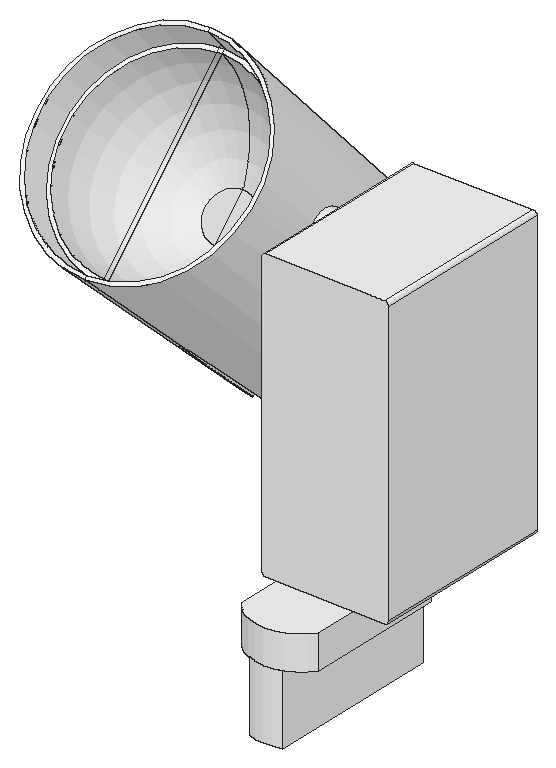
Revit family "0004812 Feilo Sylvania Lighting Fixture START TRACK SPOT S 14W 3K RA80 MB WHITE", category Lighting Fixtures, host Face, Revit 2017 (continued)
Definition of nested family "Start Track Spot Head"
  Types (96, lengths in mm): name | Wattage | built-in parameter 1150134 | Photometric Web File | Model | built-in parameter 1150105 | Lumens | built-in parameter 1150107 | built-in parameter 1150106 | HeadThickness_FEILO | HeadRibOffset_FEILO | HeadRibDepth_FEILO | HeadRibCutWidth_FEILO | HeadRibCutOffset_FEILO | HeadReflectorRadius_FEILO | HeadReflectorOffset_FEILO | HeadLEDRadius_FEILO | HeadHeight_FEILO | HeadDiffusorOffset_FEILO | HeadDiaOut_FEILO | HeadDiaIn_FEILO | HeadAxisFromTop_FEILO | Emit from Circle Diameter | built-in parameter 1150104 | Description | Apparent Load
    0004864 START TRACK SPOT S 24W 3K RA90 WB WHITE | 24 W | (empty or 0) | "0004864.ies" | "START TRACK SPOT S 24W 3K RA90 WB WHITE" | 152.79 (stored number, unit not read) | 1920 lm | 3000 (stored number, unit not read) | 1.5279 (stored number, unit not read) | 1.5 | 4.179 | 55.714 | 7.167 | 50.87 | 50.588 | 55.714 | 9.556 | 117 | 9.435 | 86 | 77.477 | 69.354 | 77.477 | 7.4322 (stored number, unit not read) | "Integrated LED spotlight, Textured White - RAL9016, compact and minimalist design, ideal for retail applications, die-cast aluminium body, passive cooling heatsink. Beam angle: 64°, color temperature: 3000K , total system power: 24W, total fixture output: 1928 lm, LOR: 100%, colour rendering: Ra: 90 typical, LED Chromaticity: 3 step MacAdam ellipse, lifetime: >50000 hours at L70B50, energy class: A++, A+, A, IR/UV free light source without heat radiation, operating voltage: 220-240V / 50-60Hz, drive current: 600mA, electronic driver, non-dimmable, power factor: 0.95, electrical protection: Class II, Global Track 3 Phase adapter suitable for Global trac 3-circuit tracks, ingress protection rating: IP20, suitable for internal environment only, horizontal rotation: 355°, vertical tilt: 90°, dimensions: Ø86x140x200, weight: 0.966kg." | 24 VA
    0004863 START TRACK SPOT S 24W 3K RA90 MB WHITE | 24 W | (empty or 0) | "0004863.ies" | "START TRACK SPOT S 24W 3K RA90 MB WHITE" | 154.7 (stored number, unit not read) | 1944 lm | 3000 (stored number, unit not read) | 1.547 (stored number, unit not read) | 1.5 | 4.179 | 55.714 | 7.167 | 50.87 | 50.588 | 55.714 | 9.556 | 117 | 9.435 | 86 | 77.477 | 69.354 | 77.477 | 7.5251 (stored number, unit not read) | "Integrated LED spotlight, Textured White - RAL9016, compact and minimalist design, ideal for retail applications, die-cast aluminium body, passive cooling heatsink. Beam angle: 36°, color temperature: 3000K , total system power: 24W, total fixture output: 1944 lm, LOR: 100%, colour rendering: Ra: 90 typical, LED Chromaticity: 3 step MacAdam ellipse, lifetime: >50000 hours at L70B50, energy class: A++, A+, A, IR/UV free light source without heat radiation, operating voltage: 220-240V / 50-60Hz, drive current: 600mA, electronic driver, non-dimmable, power factor: 0.95, electrical protection: Class II, Global Track 3 Phase adapter suitable for Global trac 3-circuit tracks, ingress protection rating: IP20, suitable for internal environment only, horizontal rotation: 355°, vertical tilt: 90°, dimensions: Ø86x140x200, weight: 0.966kg." | 24 VA
    0004862 START TRACK SPOT S 24W 3K RA90 NB WHITE | 24 W | (empty or 0) | "0004862.ies" | "START TRACK SPOT S 24W 3K RA90 NB WHITE" | 158.52 (stored number, unit not read) | 1992 lm | 3000 (stored number, unit not read) | 1.5852 (stored number, unit not read) | 1.5 | 4.179 | 55.714 | 7.167 | 50.87 | 50.588 | 55.714 | 9.556 | 117 | 9.435 | 86 | 77.477 | 69.354 | 77.477 | 7.711 (stored number, unit not read) | "Integrated LED spotlight, Textured White - RAL9016, compact and minimalist design, ideal for retail applications, die-cast aluminium body, passive cooling heatsink. Beam angle: 12°, color temperature: 3000K , total system power: 24W, total fixture output: 1987 lm, LOR: 100%, colour rendering: Ra: 90 typical, LED Chromaticity: 3 step MacAdam ellipse, lifetime: >50000 hours at L70B50, energy class: A++, A+, A, IR/UV free light source without heat radiation, operating voltage: 220-240V / 50-60Hz, drive current: 600mA, electronic driver, non-dimmable, power factor: 0.95, electrical protection: Class II, Global Track 3 Phase adapter suitable for Global trac 3-circuit tracks, ingress protection rating: IP20, suitable for internal environment only, horizontal rotation: 355°, vertical tilt: 90°, dimensions: Ø86x140x200, weight: 0.966kg." | 24 VA
    0004861 START TRACK SPOT S 14W 3K RA90 WB WHITE | 14 W | (empty or 0) | "0004861.ies" | "START TRACK SPOT S 14W 3K RA90 WB WHITE" | 100.27 (stored number, unit not read) | 1260 lm | 3000 (stored number, unit not read) | 1.0027 (stored number, unit not read) | 1.5 | 4.179 | 55.714 | 7.167 | 50.87 | 50.588 | 55.714 | 9.556 | 117 | 9.435 | 86 | 77.477 | 69.354 | 77.477 | 8.3613 (stored number, unit not read) | "Integrated LED spotlight, Textured White - RAL9016, compact and minimalist design, ideal for retail applications, die-cast aluminium body, passive cooling heatsink. Beam angle: 64°, color temperature: 3000K , total system power: 14W, total fixture output: 1262 lm, LOR: 100%, colour rendering: Ra: 90 typical, LED Chromaticity: 3 step MacAdam ellipse, lifetime: >50000 hours at L70B50, energy class: A++, A+, A, IR/UV free light source without heat radiation, operating voltage: 220-240V / 50-60Hz, drive current: 350mA, electronic driver, non-dimmable, power factor: 0.92, electrical protection: Class II, Global Track 3 Phase adapter suitable for Global trac 3-circuit tracks, ingress protection rating: IP20, suitable for internal environment only, horizontal rotation: 355°, vertical tilt: 90°, dimensions: Ø86x140x200, weight: 0.940kg." | 14 VA
    0004860 START TRACK SPOT S 14W 3K RA90 MB WHITE | 14 W | (empty or 0) | "0004860.ies" | "START TRACK SPOT S 14W 3K RA90 MB WHITE" | 100.27 (stored number, unit not read) | 1260 lm | 3000 (stored number, unit not read) | 1.0027 (stored number, unit not read) | 1.5 | 4.179 | 55.714 | 7.167 | 50.87 | 50.588 | 55.714 | 9.556 | 117 | 9.435 | 86 | 77.477 | 69.354 | 77.477 | 8.3613 (stored number, unit not read) | "Integrated LED spotlight, Textured White - RAL9016, compact and minimalist design, ideal for retail applications, die-cast aluminium body, passive cooling heatsink. Beam angle: 36°, color temperature: 3000K , total system power: 14W, total fixture output: 1262 lm, LOR: 100%, colour rendering: Ra: 90 typical, LED Chromaticity: 3 step MacAdam ellipse, lifetime: >50000 hours at L70B50, energy class: A++, A+, A, IR/UV free light source without heat radiation, operating voltage: 220-240V / 50-60Hz, drive current: 350mA, electronic driver, non-dimmable, power factor: 0.92, electrical protection: Class II, Global Track 3 Phase adapter suitable for Global trac 3-circuit tracks, ingress protection rating: IP20, suitable for internal environment only, horizontal rotation: 355°, vertical tilt: 90°, dimensions: Ø86x140x200, weight: 0.940kg." | 14 VA
    0004859 START TRACK SPOT S 14W 3K RA90 NB WHITE | 14 W | (empty or 0) | "0004859.ies" | "START TRACK SPOT S 14W 3K RA90 NB WHITE" | 102.5 (stored number, unit not read) | 1288 lm | 3000 (stored number, unit not read) | 1.025 (stored number, unit not read) | 1.5 | 4.179 | 55.714 | 7.167 | 50.87 | 50.588 | 55.714 | 9.556 | 117 | 9.435 | 86 | 77.477 | 69.354 | 77.477 | 8.5471 (stored number, unit not read) | "Integrated LED spotlight, Textured White - RAL9016, compact and minimalist design, ideal for retail applications, die-cast aluminium body, passive cooling heatsink. Beam angle: 12°, color temperature: 3000K , total system power: 14W, total fixture output: 1284 lm, LOR: 100%, colour rendering: Ra: 90 typical, LED Chromaticity: 3 step MacAdam ellipse, lifetime: >50000 hours at L70B50, energy class: A++, A+, A, IR/UV free light source without heat radiation, operating voltage: 220-240V / 50-60Hz, drive current: 350mA, electronic driver, non-dimmable, power factor: 0.92, electrical protection: Class II, Global Track 3 Phase adapter suitable for Global trac 3-circuit tracks, ingress protection rating: IP20, suitable for internal environment only, horizontal rotation: 355°, vertical tilt: 90°, dimensions: Ø86x140x200, weight: 0.940kg." | 14 VA
    0004858 START TRACK SPOT L 55W 4K RA80 WB BLACK | 55 W | 12 | "0004858.ies" | "START TRACK SPOT L 55W 4K RA80 WB BLACK" | 424.55 (stored number, unit not read) | 5335 lm | 4000 (stored number, unit not read) | 4.2455 (stored number, unit not read) | 2 | 4.429 | 59.048 | 9.417 | 53.913 | 66.471 | 59.048 | 12.556 | 124 | 10 | 113 | 101.802 | 73.503 | 101.802 | 9.0116 (stored number, unit not read) | "Integrated LED spotlight, Textured Black - RAL9005, compact and minimalist design, ideal for retail applications, die-cast aluminium body, passive cooling heatsink. Beam angle: 52°, color temperature: 4000K , total system power: 55W, total fixture output: 5320 lm, LOR: 100%, colour rendering: Ra: 80 typical, LED Chromaticity: 3 step MacAdam ellipse, lifetime: >50000 hours at L70B50, energy class: A++, A+, A, IR/UV free light source without heat radiation, operating voltage: 220-240V / 50-60Hz, drive current: 1400mA, electronic driver, non-dimmable, power factor: 0.96, electrical protection: Class II, Global Track 3 Phase adapter suitable for Global trac 3-circuit tracks, ingress protection rating: IP20, suitable for internal environment only, horizontal rotation: 355°, vertical tilt: 90°, dimensions: Ø113x164x240, weight: 1.398kg." | 55 VA
    0004857 START TRACK SPOT L 55W 4K RA80 MB BLACK | 55 W | 12 | "0004857.ies" | "START TRACK SPOT L 55W 4K RA80 MB BLACK" | 428.92 (stored number, unit not read) | 5390 lm | 4000 (stored number, unit not read) | 4.2892 (stored number, unit not read) | 2 | 4.429 | 59.048 | 9.417 | 53.913 | 66.471 | 59.048 | 12.556 | 124 | 10 | 113 | 101.802 | 73.503 | 101.802 | 9.1045 (stored number, unit not read) | "Integrated LED spotlight, Textured Black - RAL9005, compact and minimalist design, ideal for retail applications, die-cast aluminium body, passive cooling heatsink. Beam angle: 38°, color temperature: 4000K , total system power: 55W, total fixture output: 5378 lm, LOR: 100%, colour rendering: Ra: 80 typical, LED Chromaticity: 3 step MacAdam ellipse, lifetime: >50000 hours at L70B50, energy class: A++, A+, A, IR/UV free light source without heat radiation, operating voltage: 220-240V / 50-60Hz, drive current: 1400mA, electronic driver, non-dimmable, power factor: 0.96, electrical protection: Class II, Global Track 3 Phase adapter suitable for Global trac 3-circuit tracks, ingress protection rating: IP20, suitable for internal environment only, horizontal rotation: 355°, vertical tilt: 90°, dimensions: Ø113x164x240, weight: 1.398kg." | 55 VA
    0004856 START TRACK SPOT L 55W 4K RA80 NB BLACK | 55 W | 12 | "0004856.ies" | "START TRACK SPOT L 55W 4K RA80 NB BLACK" | 433.3 (stored number, unit not read) | 5445 lm | 4000 (stored number, unit not read) | 4.333 (stored number, unit not read) | 2 | 4.429 | 59.048 | 9.417 | 53.913 | 66.471 | 59.048 | 12.556 | 124 | 10 | 113 | 101.802 | 73.503 | 101.802 | 9.1974 (stored number, unit not read) | "Integrated LED spotlight, Textured Black - RAL9005, compact and minimalist design, ideal for retail applications, die-cast aluminium body, passive cooling heatsink. Beam angle: 15°, color temperature: 4000K , total system power: 55W, total fixture output: 5426 lm, LOR: 100%, colour rendering: Ra: 80 typical, LED Chromaticity: 3 step MacAdam ellipse, lifetime: >50000 hours at L70B50, energy class: A++, A+, A, IR/UV free light source without heat radiation, operating voltage: 220-240V / 50-60Hz, drive current: 1400mA, electronic driver, non-dimmable, power factor: 0.96, electrical protection: Class II, Global Track 3 Phase adapter suitable for Global trac 3-circuit tracks, ingress protection rating: IP20, suitable for internal environment only, horizontal rotation: 355°, vertical tilt: 90°, dimensions: Ø113x164x240, weight: 1.398kg." | 55 VA
    0004855 START TRACK SPOT L 35W 4K RA80 WB BLACK | 35 W | 12 | "0004855.ies" | "START TRACK SPOT L 35W 4K RA80 WB BLACK" | 320.3 (stored number, unit not read) | 4025 lm | 4000 (stored number, unit not read) | 3.203 (stored number, unit not read) | 2 | 4.429 | 59.048 | 9.417 | 53.913 | 66.471 | 59.048 | 12.556 | 124 | 10 | 113 | 101.802 | 73.503 | 101.802 | 10.684 (stored number, unit not read) | "Integrated LED spotlight, Textured Black - RAL9005, compact and minimalist design, ideal for retail applications, die-cast aluminium body, passive cooling heatsink. Beam angle: 52°, color temperature: 4000K , total system power: 35W, total fixture output: 4010 lm, LOR: 100%, colour rendering: Ra: 80 typical, LED Chromaticity: 3 step MacAdam ellipse, lifetime: >50000 hours at L70B50, energy class: A++, A+, A, IR/UV free light source without heat radiation, operating voltage: 220-240V / 50-60Hz, drive current: 900mA, electronic driver, non-dimmable, power factor: 0.93, electrical protection: Class II, Global Track 3 Phase adapter suitable for Global trac 3-circuit tracks, ingress protection rating: IP20, suitable for internal environment only, horizontal rotation: 355°, vertical tilt: 90°, dimensions: Ø113x164x240, weight: 1.368kg." | 35 VA
    0004854 START TRACK SPOT L 35W 4K RA80 MB BLACK | 35 W | 12 | "0004854.ies" | "START TRACK SPOT L 35W 4K RA80 MB BLACK" | 320.3 (stored number, unit not read) | 4025 lm | 4000 (stored number, unit not read) | 3.203 (stored number, unit not read) | 2 | 4.429 | 59.048 | 9.417 | 53.913 | 66.471 | 59.048 | 12.556 | 124 | 10 | 113 | 101.802 | 73.503 | 101.802 | 10.684 (stored number, unit not read) | "Integrated LED spotlight, Textured Black - RAL9005, compact and minimalist design, ideal for retail applications, die-cast aluminium body, passive cooling heatsink. Beam angle: 38°, color temperature: 4000K , total system power: 35W, total fixture output: 4017 lm, LOR: 100%, colour rendering: Ra: 80 typical, LED Chromaticity: 3 step MacAdam ellipse, lifetime: >50000 hours at L70B50, energy class: A++, A+, A, IR/UV free light source without heat radiation, operating voltage: 220-240V / 50-60Hz, drive current: 900mA, electronic driver, non-dimmable, power factor: 0.93, electrical protection: Class II, Global Track 3 Phase adapter suitable for Global trac 3-circuit tracks, ingress protection rating: IP20, suitable for internal environment only, horizontal rotation: 355°, vertical tilt: 90°, dimensions: Ø113x164x240, weight: 1.368kg." | 35 VA
    0004853 START TRACK SPOT L 35W 4K RA80 NB BLACK | 35 W | 12 | "0004853.ies" | "START TRACK SPOT L 35W 4K RA80 NB BLACK" | 331.44 (stored number, unit not read) | 4165 lm | 4000 (stored number, unit not read) | 3.3144 (stored number, unit not read) | 2 | 4.429 | 59.048 | 9.417 | 53.913 | 66.471 | 59.048 | 12.556 | 124 | 10 | 113 | 101.802 | 73.503 | 101.802 | 11.055 (stored number, unit not read) | "Integrated LED spotlight, Textured Black - RAL9005, compact and minimalist design, ideal for retail applications, die-cast aluminium body, passive cooling heatsink. Beam angle: 15°, color temperature: 4000K , total system power: 35W, total fixture output: 4174 lm, LOR: 100%, colour rendering: Ra: 80 typical, LED Chromaticity: 3 step MacAdam ellipse, lifetime: >50000 hours at L70B50, energy class: A++, A+, A, IR/UV free light source without heat radiation, operating voltage: 220-240V / 50-60Hz, drive current: 900mA, electronic driver, non-dimmable, power factor: 0.93, electrical protection: Class II, Global Track 3 Phase adapter suitable for Global trac 3-circuit tracks, ingress protection rating: IP20, suitable for internal environment only, horizontal rotation: 355°, vertical tilt: 90°, dimensions: Ø113x164x240, weight: 1.368kg." | 35 VA
    0004852 START TRACK SPOT S 24W 4K RA80 WB BLACK | 24 W | 12 | "0004852.ies" | "START TRACK SPOT S 24W 4K RA80 WB BLACK" | 196.72 (stored number, unit not read) | 2472 lm | 4000 (stored number, unit not read) | 1.9672 (stored number, unit not read) | 1.5 | 4.179 | 55.714 | 7.167 | 50.87 | 50.588 | 55.714 | 9.556 | 117 | 9.435 | 86 | 77.477 | 69.354 | 77.477 | 9.569 (stored number, unit not read) | "Integrated LED spotlight, Textured Black - RAL9005, compact and minimalist design, ideal for retail applications, die-cast aluminium body, passive cooling heatsink. Beam angle: 64°, color temperature: 4000K , total system power: 24W, total fixture output: 2476 lm, LOR: 100%, colour rendering: Ra: 80 typical, LED Chromaticity: 3 step MacAdam ellipse, lifetime: >50000 hours at L70B50, energy class: A++, A+, A, IR/UV free light source without heat radiation, operating voltage: 220-240V / 50-60Hz, drive current: 600mA, electronic driver, non-dimmable, power factor: 0.95, electrical protection: Class II, Global Track 3 Phase adapter suitable for Global trac 3-circuit tracks, ingress protection rating: IP20, suitable for internal environment only, horizontal rotation: 355°, vertical tilt: 90°, dimensions: Ø86x140x200, weight: 0.966kg." | 24 VA
    0004851 START TRACK SPOT S 24W 4K RA80 MB BLACK | 24 W | 12 | "0004851.ies" | "START TRACK SPOT S 24W 4K RA80 MB BLACK" | 198.63 (stored number, unit not read) | 2496 lm | 4000 (stored number, unit not read) | 1.9863 (stored number, unit not read) | 1.5 | 4.179 | 55.714 | 7.167 | 50.87 | 50.588 | 55.714 | 9.556 | 117 | 9.435 | 86 | 77.477 | 69.354 | 77.477 | 9.6619 (stored number, unit not read) | "Integrated LED spotlight, Textured Black - RAL9005, compact and minimalist design, ideal for retail applications, die-cast aluminium body, passive cooling heatsink. Beam angle: 36°, color temperature: 4000K , total system power: 24W, total fixture output: 2487 lm, LOR: 100%, colour rendering: Ra: 80 typical, LED Chromaticity: 3 step MacAdam ellipse, lifetime: >50000 hours at L70B50, energy class: A++, A+, A, IR/UV free light source without heat radiation, operating voltage: 220-240V / 50-60Hz, drive current: 600mA, electronic driver, non-dimmable, power factor: 0.95, electrical protection: Class II, Global Track 3 Phase adapter suitable for Global trac 3-circuit tracks, ingress protection rating: IP20, suitable for internal environment only, horizontal rotation: 355°, vertical tilt: 90°, dimensions: Ø86x140x200, weight: 0.966kg." | 24 VA
    0004850 START TRACK SPOT S 24W 4K RA80 NB BLACK | 24 W | 12 | "0004850.ies" | "START TRACK SPOT S 24W 4K RA80 NB BLACK" | 200.54 (stored number, unit not read) | 2520 lm | 4000 (stored number, unit not read) | 2.0054 (stored number, unit not read) | 1.5 | 4.179 | 55.714 | 7.167 | 50.87 | 50.588 | 55.714 | 9.556 | 117 | 9.435 | 86 | 77.477 | 69.354 | 77.477 | 9.7548 (stored number, unit not read) | "Integrated LED spotlight, Textured Black - RAL9005, compact and minimalist design, ideal for retail applications, die-cast aluminium body, passive cooling heatsink. Beam angle: 12°, color temperature: 4000K , total system power: 24W, total fixture output: 2529 lm, LOR: 100%, colour rendering: Ra: 80 typical, LED Chromaticity: 3 step MacAdam ellipse, lifetime: >50000 hours at L70B50, energy class: A++, A+, A, IR/UV free light source without heat radiation, operating voltage: 220-240V / 50-60Hz, drive current: 600mA, electronic driver, non-dimmable, power factor: 0.95, electrical protection: Class II, Global Track 3 Phase adapter suitable for Global trac 3-circuit tracks, ingress protection rating: IP20, suitable for internal environment only, horizontal rotation: 355°, vertical tilt: 90°, dimensions: Ø86x140x200, weight: 0.966kg." | 24 VA
    0004849 START TRACK SPOT S 14W 4K RA80 WB BLACK | 14 W | 12 | "0004849.ies" | "START TRACK SPOT S 14W 4K RA80 WB BLACK" | 123.66 (stored number, unit not read) | 1554 lm | 4000 (stored number, unit not read) | 1.2366 (stored number, unit not read) | 1.5 | 4.179 | 55.714 | 7.167 | 50.87 | 50.588 | 55.714 | 9.556 | 117 | 9.435 | 86 | 77.477 | 69.354 | 77.477 | 10.312 (stored number, unit not read) | "Integrated LED spotlight, Textured Black - RAL9005, compact and minimalist design, ideal for retail applications, die-cast aluminium body, passive cooling heatsink. Beam angle: 64°, color temperature: 4000K , total system power: 14W, total fixture output: 1558 lm, LOR: 100%, colour rendering: Ra: 80 typical, LED Chromaticity: 3 step MacAdam ellipse, lifetime: >50000 hours at L70B50, energy class: A++, A+, A, IR/UV free light source without heat radiation, operating voltage: 220-240V / 50-60Hz, drive current: 350mA, electronic driver, non-dimmable, power factor: 0.92, electrical protection: Class II, Global Track 3 Phase adapter suitable for Global trac 3-circuit tracks, ingress protection rating: IP20, suitable for internal environment only, horizontal rotation: 355°, vertical tilt: 90°, dimensions: Ø86x140x200, weight: 0.940kg." | 14 VA
    0004848 START TRACK SPOT S 14W 4K RA80 MB BLACK | 14 W | 12 | "0004848.ies" | "START TRACK SPOT S 14W 4K RA80 MB BLACK" | 127.01 (stored number, unit not read) | 1596 lm | 4000 (stored number, unit not read) | 1.2701 (stored number, unit not read) | 1.5 | 4.179 | 55.714 | 7.167 | 50.87 | 50.588 | 55.714 | 9.556 | 117 | 9.435 | 86 | 77.477 | 69.354 | 77.477 | 10.591 (stored number, unit not read) | "Integrated LED spotlight, Textured Black - RAL9005, compact and minimalist design, ideal for retail applications, die-cast aluminium body, passive cooling heatsink. Beam angle: 36°, color temperature: 4000K , total system power: 14W, total fixture output: 1598 lm, LOR: 100%, colour rendering: Ra: 80 typical, LED Chromaticity: 3 step MacAdam ellipse, lifetime: >50000 hours at L70B50, energy class: A++, A+, A, IR/UV free light source without heat radiation, operating voltage: 220-240V / 50-60Hz, drive current: 350mA, electronic driver, non-dimmable, power factor: 0.92, electrical protection: Class II, Global Track 3 Phase adapter suitable for Global trac 3-circuit tracks, ingress protection rating: IP20, suitable for internal environment only, horizontal rotation: 355°, vertical tilt: 90°, dimensions: Ø86x140x200, weight: 0.940kg." | 14 VA
    0004847 START TRACK SPOT S 14W 4K RA80 NB BLACK | 14 W | 12 | "0004847.ies" | "START TRACK SPOT S 14W 4K RA80 NB BLACK" | 128.12 (stored number, unit not read) | 1610 lm | 4000 (stored number, unit not read) | 1.2812 (stored number, unit not read) | 1.5 | 4.179 | 55.714 | 7.167 | 50.87 | 50.588 | 55.714 | 9.556 | 117 | 9.435 | 86 | 77.477 | 69.354 | 77.477 | 10.684 (stored number, unit not read) | "Integrated LED spotlight, Textured Black - RAL9005, compact and minimalist design, ideal for retail applications, die-cast aluminium body, passive cooling heatsink. Beam angle: 12°, color temperature: 4000K , total system power: 14W, total fixture output: 1608 lm, LOR: 100%, colour rendering: Ra: 80 typical, LED Chromaticity: 3 step MacAdam ellipse, lifetime: >50000 hours at L70B50, energy class: A++, A+, A, IR/UV free light source without heat radiation, operating voltage: 220-240V / 50-60Hz, drive current: 350mA, electronic driver, non-dimmable, power factor: 0.92, electrical protection: Class II, Global Track 3 Phase adapter suitable for Global trac 3-circuit tracks, ingress protection rating: IP20, suitable for internal environment only, horizontal rotation: 355°, vertical tilt: 90°, dimensions: Ø86x140x200, weight: 0.940kg." | 14 VA
    0004846 START TRACK SPOT L 55W 3K RA80 WB BLACK | 55 W | (empty or 0) | "0004846.ies" | "START TRACK SPOT L 55W 3K RA80 WB BLACK" | 420.17 (stored number, unit not read) | 5280 lm | 3000 (stored number, unit not read) | 4.2017 (stored number, unit not read) | 2 | 4.429 | 59.048 | 9.417 | 53.913 | 66.471 | 59.048 | 12.556 | 124 | 10 | 113 | 101.802 | 73.503 | 101.802 | 8.9187 (stored number, unit not read) | "Integrated LED spotlight, Textured Black - RAL9005, compact and minimalist design, ideal for retail applications, die-cast aluminium body, passive cooling heatsink. Beam angle: 52°, color temperature: 3000K , total system power: 55W, total fixture output: 5298 lm, LOR: 100%, colour rendering: Ra: 80 typical, LED Chromaticity: 3 step MacAdam ellipse, lifetime: >50000 hours at L70B50, energy class: A++, A+, A, IR/UV free light source without heat radiation, operating voltage: 220-240V / 50-60Hz, drive current: 1400mA, electronic driver, non-dimmable, power factor: 0.96, electrical protection: Class II, Global Track 3 Phase adapter suitable for Global trac 3-circuit tracks, ingress protection rating: IP20, suitable for internal environment only, horizontal rotation: 355°, vertical tilt: 90°, dimensions: Ø113x164x240, weight: 1.398kg." | 55 VA
    0004845 START TRACK SPOT L 55W 3K RA80 MB BLACK | 55 W | (empty or 0) | "0004845.ies" | "START TRACK SPOT L 55W 3K RA80 MB BLACK" | 428.92 (stored number, unit not read) | 5390 lm | 3000 (stored number, unit not read) | 4.2892 (stored number, unit not read) | 2 | 4.429 | 59.048 | 9.417 | 53.913 | 66.471 | 59.048 | 12.556 | 124 | 10 | 113 | 101.802 | 73.503 | 101.802 | 9.1045 (stored number, unit not read) | "Integrated LED spotlight, Textured Black - RAL9005, compact and minimalist design, ideal for retail applications, die-cast aluminium body, passive cooling heatsink. Beam angle: 38°, color temperature: 3000K , total system power: 55W, total fixture output: 5381 lm, LOR: 100%, colour rendering: Ra: 80 typical, LED Chromaticity: 3 step MacAdam ellipse, lifetime: >50000 hours at L70B50, energy class: A++, A+, A, IR/UV free light source without heat radiation, operating voltage: 220-240V / 50-60Hz, drive current: 1400mA, electronic driver, non-dimmable, power factor: 0.96, electrical protection: Class II, Global Track 3 Phase adapter suitable for Global trac 3-circuit tracks, ingress protection rating: IP20, suitable for internal environment only, horizontal rotation: 355°, vertical tilt: 90°, dimensions: Ø113x164x240, weight: 1.398kg." | 55 VA
    0004844 START TRACK SPOT L 55W 3K RA80 NB BLACK | 55 W | (empty or 0) | "0004844.ies" | "START TRACK SPOT L 55W 3K RA80 NB BLACK" | 433.3 (stored number, unit not read) | 5445 lm | 3000 (stored number, unit not read) | 4.333 (stored number, unit not read) | 2 | 4.429 | 59.048 | 9.417 | 53.913 | 66.471 | 59.048 | 12.556 | 124 | 10 | 113 | 101.802 | 73.503 | 101.802 | 9.1974 (stored number, unit not read) | "Integrated LED spotlight, Textured Black - RAL9005, compact and minimalist design, ideal for retail applications, die-cast aluminium body, passive cooling heatsink. Beam angle: 15°, color temperature: 3000K , total system power: 55W, total fixture output: 5449 lm, LOR: 100%, colour rendering: Ra: 80 typical, LED Chromaticity: 3 step MacAdam ellipse, lifetime: >50000 hours at L70B50, energy class: A++, A+, A, IR/UV free light source without heat radiation, operating voltage: 220-240V / 50-60Hz, drive current: 1400mA, electronic driver, non-dimmable, power factor: 0.96, electrical protection: Class II, Global Track 3 Phase adapter suitable for Global trac 3-circuit tracks, ingress protection rating: IP20, suitable for internal environment only, horizontal rotation: 355°, vertical tilt: 90°, dimensions: Ø113x164x240, weight: 1.398kg." | 55 VA
    0004843 START TRACK SPOT L 35W 3K RA80 WB BLACK | 35 W | (empty or 0) | "0004843.ies" | "START TRACK SPOT L 35W 3K RA80 WB BLACK" | 314.73 (stored number, unit not read) | 3955 lm | 3000 (stored number, unit not read) | 3.1473 (stored number, unit not read) | 2 | 4.429 | 59.048 | 9.417 | 53.913 | 66.471 | 59.048 | 12.556 | 124 | 10 | 113 | 101.802 | 73.503 | 101.802 | 10.498 (stored number, unit not read) | "Integrated LED spotlight, Textured Black - RAL9005, compact and minimalist design, ideal for retail applications, die-cast aluminium body, passive cooling heatsink. Beam angle: 52°, color temperature: 3000K , total system power: 35W, total fixture output: 3943 lm, LOR: 100%, colour rendering: Ra: 80 typical, LED Chromaticity: 3 step MacAdam ellipse, lifetime: >50000 hours at L70B50, energy class: A++, A+, A, IR/UV free light source without heat radiation, operating voltage: 220-240V / 50-60Hz, drive current: 900mA, electronic driver, non-dimmable, power factor: 0.93, electrical protection: Class II, Global Track 3 Phase adapter suitable for Global trac 3-circuit tracks, ingress protection rating: IP20, suitable for internal environment only, horizontal rotation: 355°, vertical tilt: 90°, dimensions: Ø113x164x240, weight: 1.368kg." | 35 VA
    0004842 START TRACK SPOT L 35W 3K RA80 MB BLACK | 35 W | (empty or 0) | "0004842.ies" | "START TRACK SPOT L 35W 3K RA80 MB BLACK" | 320.3 (stored number, unit not read) | 4025 lm | 3000 (stored number, unit not read) | 3.203 (stored number, unit not read) | 2 | 4.429 | 59.048 | 9.417 | 53.913 | 66.471 | 59.048 | 12.556 | 124 | 10 | 113 | 101.802 | 73.503 | 101.802 | 10.684 (stored number, unit not read) | "Integrated LED spotlight, Textured Black - RAL9005, compact and minimalist design, ideal for retail applications, die-cast aluminium body, passive cooling heatsink. Beam angle: 38°, color temperature: 3000K , total system power: 35W, total fixture output: 4008 lm, LOR: 100%, colour rendering: Ra: 80 typical, LED Chromaticity: 3 step MacAdam ellipse, lifetime: >50000 hours at L70B50, energy class: A++, A+, A, IR/UV free light source without heat radiation, operating voltage: 220-240V / 50-60Hz, drive current: 900mA, electronic driver, non-dimmable, power factor: 0.93, electrical protection: Class II, Global Track 3 Phase adapter suitable for Global trac 3-circuit tracks, ingress protection rating: IP20, suitable for internal environment only, horizontal rotation: 355°, vertical tilt: 90°, dimensions: Ø113x164x240, weight: 1.368kg." | 35 VA
    0004841 START TRACK SPOT L 35W 3K RA80 NB BLACK | 35 W | (empty or 0) | "0004841.ies" | "START TRACK SPOT L 35W 3K RA80 NB BLACK" | 317.51 (stored number, unit not read) | 3990 lm | 3000 (stored number, unit not read) | 3.1751 (stored number, unit not read) | 2 | 4.429 | 59.048 | 9.417 | 53.913 | 66.471 | 59.048 | 12.556 | 124 | 10 | 113 | 101.802 | 73.503 | 101.802 | 10.591 (stored number, unit not read) | "Integrated LED spotlight, Textured Black - RAL9005, compact and minimalist design, ideal for retail applications, die-cast aluminium body, passive cooling heatsink. Beam angle: 15°, color temperature: 3000K , total system power: 35W, total fixture output: 4005 lm, LOR: 100%, colour rendering: Ra: 80 typical, LED Chromaticity: 3 step MacAdam ellipse, lifetime: >50000 hours at L70B50, energy class: A++, A+, A, IR/UV free light source without heat radiation, operating voltage: 220-240V / 50-60Hz, drive current: 900mA, electronic driver, non-dimmable, power factor: 0.93, electrical protection: Class II, Global Track 3 Phase adapter suitable for Global trac 3-circuit tracks, ingress protection rating: IP20, suitable for internal environment only, horizontal rotation: 355°, vertical tilt: 90°, dimensions: Ø113x164x240, weight: 1.368kg." | 35 VA
    0004840 START TRACK SPOT S 24W 3K RA80 WB BLACK | 24 W | (empty or 0) | "0004840.ies" | "START TRACK SPOT S 24W 3K RA80 WB BLACK" | 185.26 (stored number, unit not read) | 2328 lm | 3000 (stored number, unit not read) | 1.8526 (stored number, unit not read) | 1.5 | 4.179 | 55.714 | 7.167 | 50.87 | 50.588 | 55.714 | 9.556 | 117 | 9.435 | 86 | 77.477 | 69.354 | 77.477 | 9.0116 (stored number, unit not read) | "Integrated LED spotlight, Textured Black - RAL9005, compact and minimalist design, ideal for retail applications, die-cast aluminium body, passive cooling heatsink. Beam angle: 64°, color temperature: 3000K , total system power: 24W, total fixture output: 2318 lm, LOR: 100%, colour rendering: Ra: 80 typical, LED Chromaticity: 3 step MacAdam ellipse, lifetime: >50000 hours at L70B50, energy class: A++, A+, A, IR/UV free light source without heat radiation, operating voltage: 220-240V / 50-60Hz, drive current: 600mA, electronic driver, non-dimmable, power factor: 0.95, electrical protection: Class II, Global Track 3 Phase adapter suitable for Global trac 3-circuit tracks, ingress protection rating: IP20, suitable for internal environment only, horizontal rotation: 355°, vertical tilt: 90°, dimensions: Ø86x140x200, weight: 0.966kg." | 24 VA
    0004839 START TRACK SPOT S 24W 3K RA80 MB BLACK | 24 W | (empty or 0) | "0004839.ies" | "START TRACK SPOT S 24W 3K RA80 MB BLACK" | 183.35 (stored number, unit not read) | 2304 lm | 3000 (stored number, unit not read) | 1.8335 (stored number, unit not read) | 1.5 | 4.179 | 55.714 | 7.167 | 50.87 | 50.588 | 55.714 | 9.556 | 117 | 9.435 | 86 | 77.477 | 69.354 | 77.477 | 8.9187 (stored number, unit not read) | "Integrated LED spotlight, Textured Black - RAL9005, compact and minimalist design, ideal for retail applications, die-cast aluminium body, passive cooling heatsink. Beam angle: 36°, color temperature: 3000K , total system power: 24W, total fixture output: 2314 lm, LOR: 100%, colour rendering: Ra: 80 typical, LED Chromaticity: 3 step MacAdam ellipse, lifetime: >50000 hours at L70B50, energy class: A++, A+, A, IR/UV free light source without heat radiation, operating voltage: 220-240V / 50-60Hz, drive current: 600mA, electronic driver, non-dimmable, power factor: 0.95, electrical protection: Class II, Global Track 3 Phase adapter suitable for Global trac 3-circuit tracks, ingress protection rating: IP20, suitable for internal environment only, horizontal rotation: 355°, vertical tilt: 90°, dimensions: Ø86x140x200, weight: 0.966kg." | 24 VA
    0004838 START TRACK SPOT S 24W 3K RA80 NB BLACK | 24 W | (empty or 0) | "0004838.ies" | "START TRACK SPOT S 24W 3K RA80 NB BLACK" | 185.26 (stored number, unit not read) | 2328 lm | 3000 (stored number, unit not read) | 1.8526 (stored number, unit not read) | 1.5 | 4.179 | 55.714 | 7.167 | 50.87 | 50.588 | 55.714 | 9.556 | 117 | 9.435 | 86 | 77.477 | 69.354 | 77.477 | 9.0116 (stored number, unit not read) | "Integrated LED spotlight, Textured Black - RAL9005, compact and minimalist design, ideal for retail applications, die-cast aluminium body, passive cooling heatsink. Beam angle: 12°, color temperature: 3000K , total system power: 24W, total fixture output: 2334 lm, LOR: 100%, colour rendering: Ra: 80 typical, LED Chromaticity: 3 step MacAdam ellipse, lifetime: >50000 hours at L70B50, energy class: A++, A+, A, IR/UV free light source without heat radiation, operating voltage: 220-240V / 50-60Hz, drive current: 600mA, electronic driver, non-dimmable, power factor: 0.95, electrical protection: Class II, Global Track 3 Phase adapter suitable for Global trac 3-circuit tracks, ingress protection rating: IP20, suitable for internal environment only, horizontal rotation: 355°, vertical tilt: 90°, dimensions: Ø86x140x200, weight: 0.966kg." | 24 VA
    0004837 START TRACK SPOT S 14W 3K RA80 WB BLACK | 14 W | (empty or 0) | "0004837.ies" | "START TRACK SPOT S 14W 3K RA80 WB BLACK" | 119.21 (stored number, unit not read) | 1498 lm | 3000 (stored number, unit not read) | 1.1921 (stored number, unit not read) | 1.5 | 4.179 | 55.714 | 7.167 | 50.87 | 50.588 | 55.714 | 9.556 | 117 | 9.435 | 86 | 77.477 | 69.354 | 77.477 | 9.9406 (stored number, unit not read) | "Integrated LED spotlight, Textured Black - RAL9005, compact and minimalist design, ideal for retail applications, die-cast aluminium body, passive cooling heatsink. Beam angle: 64°, color temperature: 3000K , total system power: 14W, total fixture output: 1498 lm, LOR: 100%, colour rendering: Ra: 80 typical, LED Chromaticity: 3 step MacAdam ellipse, lifetime: >50000 hours at L70B50, energy class: A++, A+, A, IR/UV free light source without heat radiation, operating voltage: 220-240V / 50-60Hz, drive current: 350mA, electronic driver, non-dimmable, power factor: 0.92, electrical protection: Class II, Global Track 3 Phase adapter suitable for Global trac 3-circuit tracks, ingress protection rating: IP20, suitable for internal environment only, horizontal rotation: 355°, vertical tilt: 90°, dimensions: Ø86x140x200, weight: 0.940kg." | 14 VA
    0004836 START TRACK SPOT S 14W 3K RA80 MB BLACK | 14 W | (empty or 0) | "0004836.ies" | "START TRACK SPOT S 14W 3K RA80 MB BLACK" | 120.32 (stored number, unit not read) | 1512 lm | 3000 (stored number, unit not read) | 1.2032 (stored number, unit not read) | 1.5 | 4.179 | 55.714 | 7.167 | 50.87 | 50.588 | 55.714 | 9.556 | 117 | 9.435 | 86 | 77.477 | 69.354 | 77.477 | 10.034 (stored number, unit not read) | "Integrated LED spotlight, Textured Black - RAL9005, compact and minimalist design, ideal for retail applications, die-cast aluminium body, passive cooling heatsink. Beam angle: 36°, color temperature: 3000K , total system power: 14W, total fixture output: 1508 lm, LOR: 100%, colour rendering: Ra: 80 typical, LED Chromaticity: 3 step MacAdam ellipse, lifetime: >50000 hours at L70B50, energy class: A++, A+, A, IR/UV free light source without heat radiation, operating voltage: 220-240V / 50-60Hz, drive current: 350mA, electronic driver, non-dimmable, power factor: 0.92, electrical protection: Class II, Global Track 3 Phase adapter suitable for Global trac 3-circuit tracks, ingress protection rating: IP20, suitable for internal environment only, horizontal rotation: 355°, vertical tilt: 90°, dimensions: Ø86x140x200, weight: 0.940kg." | 14 VA
    0004835 START TRACK SPOT S 14W 3K RA80 NB BLACK | 14 W | (empty or 0) | "0004835.ies" | "START TRACK SPOT S 14W 3K RA80 NB BLACK" | 123.66 (stored number, unit not read) | 1554 lm | 3000 (stored number, unit not read) | 1.2366 (stored number, unit not read) | 1.5 | 4.179 | 55.714 | 7.167 | 50.87 | 50.588 | 55.714 | 9.556 | 117 | 9.435 | 86 | 77.477 | 69.354 | 77.477 | 10.312 (stored number, unit not read) | "Integrated LED spotlight, Textured Black - RAL9005, compact and minimalist design, ideal for retail applications, die-cast aluminium body, passive cooling heatsink. Beam angle: 12°, color temperature: 3000K , total system power: 14W, total fixture output: 1551 lm, LOR: 100%, colour rendering: Ra: 80 typical, LED Chromaticity: 3 step MacAdam ellipse, lifetime: >50000 hours at L70B50, energy class: A++, A+, A, IR/UV free light source without heat radiation, operating voltage: 220-240V / 50-60Hz, drive current: 350mA, electronic driver, non-dimmable, power factor: 0.92, electrical protection: Class II, Global Track 3 Phase adapter suitable for Global trac 3-circuit tracks, ingress protection rating: IP20, suitable for internal environment only, horizontal rotation: 355°, vertical tilt: 90°, dimensions: Ø86x140x200, weight: 0.940kg." | 14 VA
    0004834 START TRACK SPOT L 55W 4K RA80 WB WHITE | 55 W | 12 | "0004834.ies" | "START TRACK SPOT L 55W 4K RA80 WB WHITE" | 424.55 (stored number, unit not read) | 5335 lm | 4000 (stored number, unit not read) | 4.2455 (stored number, unit not read) | 2 | 4.429 | 59.048 | 9.417 | 53.913 | 66.471 | 59.048 | 12.556 | 124 | 10 | 113 | 101.802 | 73.503 | 101.802 | 9.0116 (stored number, unit not read) | "Integrated LED spotlight, Textured White - RAL9016, compact and minimalist design, ideal for retail applications, die-cast aluminium body, passive cooling heatsink. Beam angle: 52°, color temperature: 4000K , total system power: 55W, total fixture output: 5320 lm, LOR: 100%, colour rendering: Ra: 80 typical, LED Chromaticity: 3 step MacAdam ellipse, lifetime: >50000 hours at L70B50, energy class: A++, A+, A, IR/UV free light source without heat radiation, operating voltage: 220-240V / 50-60Hz, drive current: 1400mA, electronic driver, non-dimmable, power factor: 0.96, electrical protection: Class II, Global Track 3 Phase adapter suitable for Global trac 3-circuit tracks, ingress protection rating: IP20, suitable for internal environment only, horizontal rotation: 355°, vertical tilt: 90°, dimensions: Ø113x164x240, weight: 1.398kg." | 55 VA
    0004833 START TRACK SPOT L 55W 4K RA80 MB WHITE | 55 W | 12 | "0004833.ies" | "START TRACK SPOT L 55W 4K RA80 MB WHITE" | 428.92 (stored number, unit not read) | 5390 lm | 4000 (stored number, unit not read) | 4.2892 (stored number, unit not read) | 2 | 4.429 | 59.048 | 9.417 | 53.913 | 66.471 | 59.048 | 12.556 | 124 | 10 | 113 | 101.802 | 73.503 | 101.802 | 9.1045 (stored number, unit not read) | "Integrated LED spotlight, Textured White - RAL9016, compact and minimalist design, ideal for retail applications, die-cast aluminium body, passive cooling heatsink. Beam angle: 38°, color temperature: 4000K , total system power: 55W, total fixture output: 5378 lm, LOR: 100%, colour rendering: Ra: 80 typical, LED Chromaticity: 3 step MacAdam ellipse, lifetime: >50000 hours at L70B50, energy class: A++, A+, A, IR/UV free light source without heat radiation, operating voltage: 220-240V / 50-60Hz, drive current: 1400mA, electronic driver, non-dimmable, power factor: 0.96, electrical protection: Class II, Global Track 3 Phase adapter suitable for Global trac 3-circuit tracks, ingress protection rating: IP20, suitable for internal environment only, horizontal rotation: 355°, vertical tilt: 90°, dimensions: Ø113x164x240, weight: 1.398kg." | 55 VA
    0004832 START TRACK SPOT L 55W 4K RA80 NB WHITE | 55 W | 12 | "0004832.ies" | "START TRACK SPOT L 55W 4K RA80 NB WHITE" | 433.3 (stored number, unit not read) | 5445 lm | 4000 (stored number, unit not read) | 4.333 (stored number, unit not read) | 2 | 4.429 | 59.048 | 9.417 | 53.913 | 66.471 | 59.048 | 12.556 | 124 | 10 | 113 | 101.802 | 73.503 | 101.802 | 9.1974 (stored number, unit not read) | "Integrated LED spotlight, Textured White - RAL9016, compact and minimalist design, ideal for retail applications, die-cast aluminium body, passive cooling heatsink. Beam angle: 15°, color temperature: 4000K , total system power: 55W, total fixture output: 5426 lm, LOR: 100%, colour rendering: Ra: 80 typical, LED Chromaticity: 3 step MacAdam ellipse, lifetime: >50000 hours at L70B50, energy class: A++, A+, A, IR/UV free light source without heat radiation, operating voltage: 220-240V / 50-60Hz, drive current: 1400mA, electronic driver, non-dimmable, power factor: 0.96, electrical protection: Class II, Global Track 3 Phase adapter suitable for Global trac 3-circuit tracks, ingress protection rating: IP20, suitable for internal environment only, horizontal rotation: 355°, vertical tilt: 90°, dimensions: Ø113x164x240, weight: 1.398kg." | 55 VA
    0004831 START TRACK SPOT L 35W 4K RA80 WB WHITE | 35 W | 12 | "0004831.ies" | "START TRACK SPOT L 35W 4K RA80 WB WHITE" | 320.3 (stored number, unit not read) | 4025 lm | 4000 (stored number, unit not read) | 3.203 (stored number, unit not read) | 2 | 4.429 | 59.048 | 9.417 | 53.913 | 66.471 | 59.048 | 12.556 | 124 | 10 | 113 | 101.802 | 73.503 | 101.802 | 10.684 (stored number, unit not read) | "Integrated LED spotlight, Textured White - RAL9016, compact and minimalist design, ideal for retail applications, die-cast aluminium body, passive cooling heatsink. Beam angle: 52°, color temperature: 4000K , total system power: 35W, total fixture output: 4010 lm, LOR: 100%, colour rendering: Ra: 80 typical, LED Chromaticity: 3 step MacAdam ellipse, lifetime: >50000 hours at L70B50, energy class: A++, A+, A, IR/UV free light source without heat radiation, operating voltage: 220-240V / 50-60Hz, drive current: 900mA, electronic driver, non-dimmable, power factor: 0.93, electrical protection: Class II, Global Track 3 Phase adapter suitable for Global trac 3-circuit tracks, ingress protection rating: IP20, suitable for internal environment only, horizontal rotation: 355°, vertical tilt: 90°, dimensions: Ø113x164x240, weight: 1.368kg." | 35 VA
    0004830 START TRACK SPOT L 35W 4K RA80 MB WHITE | 35 W | 12 | "0004830.ies" | "START TRACK SPOT L 35W 4K RA80 MB WHITE" | 320.3 (stored number, unit not read) | 4025 lm | 4000 (stored number, unit not read) | 3.203 (stored number, unit not read) | 2 | 4.429 | 59.048 | 9.417 | 53.913 | 66.471 | 59.048 | 12.556 | 124 | 10 | 113 | 101.802 | 73.503 | 101.802 | 10.684 (stored number, unit not read) | "Integrated LED spotlight, Textured White - RAL9016, compact and minimalist design, ideal for retail applications, die-cast aluminium body, passive cooling heatsink. Beam angle: 38°, color temperature: 4000K , total system power: 35W, total fixture output: 4017 lm, LOR: 100%, colour rendering: Ra: 80 typical, LED Chromaticity: 3 step MacAdam ellipse, lifetime: >50000 hours at L70B50, energy class: A++, A+, A, IR/UV free light source without heat radiation, operating voltage: 220-240V / 50-60Hz, drive current: 900mA, electronic driver, non-dimmable, power factor: 0.93, electrical protection: Class II, Global Track 3 Phase adapter suitable for Global trac 3-circuit tracks, ingress protection rating: IP20, suitable for internal environment only, horizontal rotation: 355°, vertical tilt: 90°, dimensions: Ø113x164x240, weight: 1.368kg." | 35 VA
    0004829 START TRACK SPOT L 35W 4K RA80 NB WHITE | 35 W | 12 | "0004829.ies" | "START TRACK SPOT L 35W 4K RA80 NB WHITE" | 331.44 (stored number, unit not read) | 4165 lm | 4000 (stored number, unit not read) | 3.3144 (stored number, unit not read) | 2 | 4.429 | 59.048 | 9.417 | 53.913 | 66.471 | 59.048 | 12.556 | 124 | 10 | 113 | 101.802 | 73.503 | 101.802 | 11.055 (stored number, unit not read) | "Integrated LED spotlight, Textured White - RAL9016, compact and minimalist design, ideal for retail applications, die-cast aluminium body, passive cooling heatsink. Beam angle: 15°, color temperature: 4000K , total system power: 35W, total fixture output: 4174 lm, LOR: 100%, colour rendering: Ra: 80 typical, LED Chromaticity: 3 step MacAdam ellipse, lifetime: >50000 hours at L70B50, energy class: A++, A+, A, IR/UV free light source without heat radiation, operating voltage: 220-240V / 50-60Hz, drive current: 900mA, electronic driver, non-dimmable, power factor: 0.93, electrical protection: Class II, Global Track 3 Phase adapter suitable for Global trac 3-circuit tracks, ingress protection rating: IP20, suitable for internal environment only, horizontal rotation: 355°, vertical tilt: 90°, dimensions: Ø113x164x240, weight: 1.368kg." | 35 VA
    0004828 START TRACK SPOT S 24W 4K RA80 WB WHITE | 24 W | 12 | "0004828.ies" | "START TRACK SPOT S 24W 4K RA80 WB WHITE" | 196.72 (stored number, unit not read) | 2472 lm | 4000 (stored number, unit not read) | 1.9672 (stored number, unit not read) | 1.5 | 4.179 | 55.714 | 7.167 | 50.87 | 50.588 | 55.714 | 9.556 | 117 | 9.435 | 86 | 77.477 | 69.354 | 77.477 | 9.569 (stored number, unit not read) | "Integrated LED spotlight, Textured White - RAL9016, compact and minimalist design, ideal for retail applications, die-cast aluminium body, passive cooling heatsink. Beam angle: 64°, color temperature: 4000K , total system power: 24W, total fixture output: 2476 lm, LOR: 100%, colour rendering: Ra: 80 typical, LED Chromaticity: 3 step MacAdam ellipse, lifetime: >50000 hours at L70B50, energy class: A++, A+, A, IR/UV free light source without heat radiation, operating voltage: 220-240V / 50-60Hz, drive current: 600mA, electronic driver, non-dimmable, power factor: 0.95, electrical protection: Class II, Global Track 3 Phase adapter suitable for Global trac 3-circuit tracks, ingress protection rating: IP20, suitable for internal environment only, horizontal rotation: 355°, vertical tilt: 90°, dimensions: Ø86x140x200, weight: 0.966kg." | 24 VA
    0004827 START TRACK SPOT S 24W 4K RA80 MB WHITE | 24 W | 12 | "0004827.ies" | "START TRACK SPOT S 24W 4K RA80 MB WHITE" | 198.63 (stored number, unit not read) | 2496 lm | 4000 (stored number, unit not read) | 1.9863 (stored number, unit not read) | 1.5 | 4.179 | 55.714 | 7.167 | 50.87 | 50.588 | 55.714 | 9.556 | 117 | 9.435 | 86 | 77.477 | 69.354 | 77.477 | 9.6619 (stored number, unit not read) | "Integrated LED spotlight, Textured White - RAL9016, compact and minimalist design, ideal for retail applications, die-cast aluminium body, passive cooling heatsink. Beam angle: 36°, color temperature: 4000K , total system power: 24W, total fixture output: 2487 lm, LOR: 100%, colour rendering: Ra: 80 typical, LED Chromaticity: 3 step MacAdam ellipse, lifetime: >50000 hours at L70B50, energy class: A++, A+, A, IR/UV free light source without heat radiation, operating voltage: 220-240V / 50-60Hz, drive current: 600mA, electronic driver, non-dimmable, power factor: 0.95, electrical protection: Class II, Global Track 3 Phase adapter suitable for Global trac 3-circuit tracks, ingress protection rating: IP20, suitable for internal environment only, horizontal rotation: 355°, vertical tilt: 90°, dimensions: Ø86x140x200, weight: 0.966kg." | 24 VA
    0004826 START TRACK SPOT S 24W 4K RA80 NB WHITE | 24 W | 12 | "0004826.ies" | "START TRACK SPOT S 24W 4K RA80 NB WHITE" | 200.54 (stored number, unit not read) | 2520 lm | 4000 (stored number, unit not read) | 2.0054 (stored number, unit not read) | 1.5 | 4.179 | 55.714 | 7.167 | 50.87 | 50.588 | 55.714 | 9.556 | 117 | 9.435 | 86 | 77.477 | 69.354 | 77.477 | 9.7548 (stored number, unit not read) | "Integrated LED spotlight, Textured White - RAL9016, compact and minimalist design, ideal for retail applications, die-cast aluminium body, passive cooling heatsink. Beam angle: 12°, color temperature: 4000K , total system power: 24W, total fixture output: 2529 lm, LOR: 100%, colour rendering: Ra: 80 typical, LED Chromaticity: 3 step MacAdam ellipse, lifetime: >50000 hours at L70B50, energy class: A++, A+, A, IR/UV free light source without heat radiation, operating voltage: 220-240V / 50-60Hz, drive current: 600mA, electronic driver, non-dimmable, power factor: 0.95, electrical protection: Class II, Global Track 3 Phase adapter suitable for Global trac 3-circuit tracks, ingress protection rating: IP20, suitable for internal environment only, horizontal rotation: 355°, vertical tilt: 90°, dimensions: Ø86x140x200, weight: 0.966kg." | 24 VA
    0004825 START TRACK SPOT S 14W 4K RA80 WB WHITE | 14 W | 12 | "0004825.ies" | "START TRACK SPOT S 14W 4K RA80 WB WHITE" | 123.66 (stored number, unit not read) | 1554 lm | 4000 (stored number, unit not read) | 1.2366 (stored number, unit not read) | 1.5 | 4.179 | 55.714 | 7.167 | 50.87 | 50.588 | 55.714 | 9.556 | 117 | 9.435 | 86 | 77.477 | 69.354 | 77.477 | 10.312 (stored number, unit not read) | "Integrated LED spotlight, Textured White - RAL9016, compact and minimalist design, ideal for retail applications, die-cast aluminium body, passive cooling heatsink. Beam angle: 64°, color temperature: 4000K , total system power: 14W, total fixture output: 1558 lm, LOR: 100%, colour rendering: Ra: 80 typical, LED Chromaticity: 3 step MacAdam ellipse, lifetime: >50000 hours at L70B50, energy class: A++, A+, A, IR/UV free light source without heat radiation, operating voltage: 220-240V / 50-60Hz, drive current: 350mA, electronic driver, non-dimmable, power factor: 0.92, electrical protection: Class II, Global Track 3 Phase adapter suitable for Global trac 3-circuit tracks, ingress protection rating: IP20, suitable for internal environment only, horizontal rotation: 355°, vertical tilt: 90°, dimensions: Ø86x140x200, weight: 0.940kg." | 14 VA
    0004824 START TRACK SPOT S 14W 4K RA80 MB WHITE | 14 W | 12 | "0004824.ies" | "START TRACK SPOT S 14W 4K RA80 MB WHITE" | 127.01 (stored number, unit not read) | 1596 lm | 4000 (stored number, unit not read) | 1.2701 (stored number, unit not read) | 1.5 | 4.179 | 55.714 | 7.167 | 50.87 | 50.588 | 55.714 | 9.556 | 117 | 9.435 | 86 | 77.477 | 69.354 | 77.477 | 10.591 (stored number, unit not read) | "Integrated LED spotlight, Textured White - RAL9016, compact and minimalist design, ideal for retail applications, die-cast aluminium body, passive cooling heatsink. Beam angle: 36°, color temperature: 4000K , total system power: 14W, total fixture output: 1598 lm, LOR: 100%, colour rendering: Ra: 80 typical, LED Chromaticity: 3 step MacAdam ellipse, lifetime: >50000 hours at L70B50, energy class: A++, A+, A, IR/UV free light source without heat radiation, operating voltage: 220-240V / 50-60Hz, drive current: 350mA, electronic driver, non-dimmable, power factor: 0.92, electrical protection: Class II, Global Track 3 Phase adapter suitable for Global trac 3-circuit tracks, ingress protection rating: IP20, suitable for internal environment only, horizontal rotation: 355°, vertical tilt: 90°, dimensions: Ø86x140x200, weight: 0.940kg." | 14 VA
    0004823 START TRACK SPOT S 14W 4K RA80 NB WHITE | 14 W | 12 | "0004823.ies" | "START TRACK SPOT S 14W 4K RA80 NB WHITE" | 128.12 (stored number, unit not read) | 1610 lm | 4000 (stored number, unit not read) | 1.2812 (stored number, unit not read) | 1.5 | 4.179 | 55.714 | 7.167 | 50.87 | 50.588 | 55.714 | 9.556 | 117 | 9.435 | 86 | 77.477 | 69.354 | 77.477 | 10.684 (stored number, unit not read) | "Integrated LED spotlight, Textured White - RAL9016, compact and minimalist design, ideal for retail applications, die-cast aluminium body, passive cooling heatsink. Beam angle: 12°, color temperature: 4000K , total system power: 14W, total fixture output: 1608 lm, LOR: 100%, colour rendering: Ra: 80 typical, LED Chromaticity: 3 step MacAdam ellipse, lifetime: >50000 hours at L70B50, energy class: A++, A+, A, IR/UV free light source without heat radiation, operating voltage: 220-240V / 50-60Hz, drive current: 350mA, electronic driver, non-dimmable, power factor: 0.92, electrical protection: Class II, Global Track 3 Phase adapter suitable for Global trac 3-circuit tracks, ingress protection rating: IP20, suitable for internal environment only, horizontal rotation: 355°, vertical tilt: 90°, dimensions: Ø86x140x200, weight: 0.940kg." | 14 VA
    0004822 START TRACK SPOT L 55W 3K RA80 WB WHITE | 55 W | (empty or 0) | "0004822.ies" | "START TRACK SPOT L 55W 3K RA80 WB WHITE" | 420.17 (stored number, unit not read) | 5280 lm | 3000 (stored number, unit not read) | 4.2017 (stored number, unit not read) | 2 | 4.429 | 59.048 | 9.417 | 53.913 | 66.471 | 59.048 | 12.556 | 124 | 10 | 113 | 101.802 | 73.503 | 101.802 | 8.9187 (stored number, unit not read) | "Integrated LED spotlight, Textured White - RAL9016, compact and minimalist design, ideal for retail applications, die-cast aluminium body, passive cooling heatsink. Beam angle: 52°, color temperature: 3000K , total system power: 55W, total fixture output: 5298 lm, LOR: 100%, colour rendering: Ra: 80 typical, LED Chromaticity: 3 step MacAdam ellipse, lifetime: >50000 hours at L70B50, energy class: A++, A+, A, IR/UV free light source without heat radiation, operating voltage: 220-240V / 50-60Hz, drive current: 1400mA, electronic driver, non-dimmable, power factor: 0.96, electrical protection: Class II, Global Track 3 Phase adapter suitable for Global trac 3-circuit tracks, ingress protection rating: IP20, suitable for internal environment only, horizontal rotation: 355°, vertical tilt: 90°, dimensions: Ø113x164x240, weight: 1.398kg." | 55 VA
    0004821 START TRACK SPOT L 55W 3K RA80 MB WHITE | 55 W | (empty or 0) | "0004821.ies" | "START TRACK SPOT L 55W 3K RA80 MB WHITE" | 428.92 (stored number, unit not read) | 5390 lm | 3000 (stored number, unit not read) | 4.2892 (stored number, unit not read) | 2 | 4.429 | 59.048 | 9.417 | 53.913 | 66.471 | 59.048 | 12.556 | 124 | 10 | 113 | 101.802 | 73.503 | 101.802 | 9.1045 (stored number, unit not read) | "Integrated LED spotlight, Textured White - RAL9016, compact and minimalist design, ideal for retail applications, die-cast aluminium body, passive cooling heatsink. Beam angle: 38°, color temperature: 3000K , total system power: 55W, total fixture output: 5381 lm, LOR: 100%, colour rendering: Ra: 80 typical, LED Chromaticity: 3 step MacAdam ellipse, lifetime: >50000 hours at L70B50, energy class: A++, A+, A, IR/UV free light source without heat radiation, operating voltage: 220-240V / 50-60Hz, drive current: 1400mA, electronic driver, non-dimmable, power factor: 0.96, electrical protection: Class II, Global Track 3 Phase adapter suitable for Global trac 3-circuit tracks, ingress protection rating: IP20, suitable for internal environment only, horizontal rotation: 355°, vertical tilt: 90°, dimensions: Ø113x164x240, weight: 1.398kg." | 55 VA
    0004820 START TRACK SPOT L 55W 3K RA80 NB WHITE | 55 W | (empty or 0) | "0004820.ies" | "START TRACK SPOT L 55W 3K RA80 NB WHITE" | 433.3 (stored number, unit not read) | 5445 lm | 3000 (stored number, unit not read) | 4.333 (stored number, unit not read) | 2 | 4.429 | 59.048 | 9.417 | 53.913 | 66.471 | 59.048 | 12.556 | 124 | 10 | 113 | 101.802 | 73.503 | 101.802 | 9.1974 (stored number, unit not read) | "Integrated LED spotlight, Textured White - RAL9016, compact and minimalist design, ideal for retail applications, die-cast aluminium body, passive cooling heatsink. Beam angle: 15°, color temperature: 3000K , total system power: 55W, total fixture output: 5449 lm, LOR: 100%, colour rendering: Ra: 80 typical, LED Chromaticity: 3 step MacAdam ellipse, lifetime: >50000 hours at L70B50, energy class: A++, A+, A, IR/UV free light source without heat radiation, operating voltage: 220-240V / 50-60Hz, drive current: 1400mA, electronic driver, non-dimmable, power factor: 0.96, electrical protection: Class II, Global Track 3 Phase adapter suitable for Global trac 3-circuit tracks, ingress protection rating: IP20, suitable for internal environment only, horizontal rotation: 355°, vertical tilt: 90°, dimensions: Ø113x164x240, weight: 1.398kg." | 55 VA
    0004819 START TRACK SPOT L 35W 3K RA80 WB WHITE | 35 W | (empty or 0) | "0004819.ies" | "START TRACK SPOT L 35W 3K RA80 WB WHITE" | 314.73 (stored number, unit not read) | 3955 lm | 3000 (stored number, unit not read) | 3.1473 (stored number, unit not read) | 2 | 4.429 | 59.048 | 9.417 | 53.913 | 66.471 | 59.048 | 12.556 | 124 | 10 | 113 | 101.802 | 73.503 | 101.802 | 10.498 (stored number, unit not read) | "Integrated LED spotlight, Textured White - RAL9016, compact and minimalist design, ideal for retail applications, die-cast aluminium body, passive cooling heatsink. Beam angle: 52°, color temperature: 3000K , total system power: 35W, total fixture output: 3943 lm, LOR: 100%, colour rendering: Ra: 80 typical, LED Chromaticity: 3 step MacAdam ellipse, lifetime: >50000 hours at L70B50, energy class: A++, A+, A, IR/UV free light source without heat radiation, operating voltage: 220-240V / 50-60Hz, drive current: 900mA, electronic driver, non-dimmable, power factor: 0.93, electrical protection: Class II, Global Track 3 Phase adapter suitable for Global trac 3-circuit tracks, ingress protection rating: IP20, suitable for internal environment only, horizontal rotation: 355°, vertical tilt: 90°, dimensions: Ø113x164x240, weight: 1.368kg." | 35 VA
    0004818 START TRACK SPOT L 35W 3K RA80 MB WHITE | 35 W | (empty or 0) | "0004818.ies" | "START TRACK SPOT L 35W 3K RA80 MB WHITE" | 320.3 (stored number, unit not read) | 4025 lm | 3000 (stored number, unit not read) | 3.203 (stored number, unit not read) | 2 | 4.429 | 59.048 | 9.417 | 53.913 | 66.471 | 59.048 | 12.556 | 124 | 10 | 113 | 101.802 | 73.503 | 101.802 | 10.684 (stored number, unit not read) | "Integrated LED spotlight, Textured White - RAL9016, compact and minimalist design, ideal for retail applications, die-cast aluminium body, passive cooling heatsink. Beam angle: 38°, color temperature: 3000K , total system power: 35W, total fixture output: 4008 lm, LOR: 100%, colour rendering: Ra: 80 typical, LED Chromaticity: 3 step MacAdam ellipse, lifetime: >50000 hours at L70B50, energy class: A++, A+, A, IR/UV free light source without heat radiation, operating voltage: 220-240V / 50-60Hz, drive current: 900mA, electronic driver, non-dimmable, power factor: 0.93, electrical protection: Class II, Global Track 3 Phase adapter suitable for Global trac 3-circuit tracks, ingress protection rating: IP20, suitable for internal environment only, horizontal rotation: 355°, vertical tilt: 90°, dimensions: Ø113x164x240, weight: 1.368kg." | 35 VA
    0004817 START TRACK SPOT L 35W 3K RA80 NB WHITE | 35 W | (empty or 0) | "0004817.ies" | "START TRACK SPOT L 35W 3K RA80 NB WHITE" | 317.51 (stored number, unit not read) | 3990 lm | 3000 (stored number, unit not read) | 3.1751 (stored number, unit not read) | 2 | 4.429 | 59.048 | 9.417 | 53.913 | 66.471 | 59.048 | 12.556 | 124 | 10 | 113 | 101.802 | 73.503 | 101.802 | 10.591 (stored number, unit not read) | "Integrated LED spotlight, Textured White - RAL9016, compact and minimalist design, ideal for retail applications, die-cast aluminium body, passive cooling heatsink. Beam angle: 15°, color temperature: 3000K , total system power: 35W, total fixture output: 4005 lm, LOR: 100%, colour rendering: Ra: 80 typical, LED Chromaticity: 3 step MacAdam ellipse, lifetime: >50000 hours at L70B50, energy class: A++, A+, A, IR/UV free light source without heat radiation, operating voltage: 220-240V / 50-60Hz, drive current: 900mA, electronic driver, non-dimmable, power factor: 0.93, electrical protection: Class II, Global Track 3 Phase adapter suitable for Global trac 3-circuit tracks, ingress protection rating: IP20, suitable for internal environment only, horizontal rotation: 355°, vertical tilt: 90°, dimensions: Ø113x164x240, weight: 1.368kg." | 35 VA
    0004816 START TRACK SPOT S 24W 3K RA80 WB WHITE | 24 W | (empty or 0) | "0004816.ies" | "START TRACK SPOT S 24W 3K RA80 WB WHITE" | 185.26 (stored number, unit not read) | 2328 lm | 3000 (stored number, unit not read) | 1.8526 (stored number, unit not read) | 1.5 | 4.179 | 55.714 | 7.167 | 50.87 | 50.588 | 55.714 | 9.556 | 117 | 9.435 | 86 | 77.477 | 69.354 | 77.477 | 9.0116 (stored number, unit not read) | "Integrated LED spotlight, Textured White - RAL9016, compact and minimalist design, ideal for retail applications, die-cast aluminium body, passive cooling heatsink. Beam angle: 64°, color temperature: 3000K , total system power: 24W, total fixture output: 2318 lm, LOR: 100%, colour rendering: Ra: 80 typical, LED Chromaticity: 3 step MacAdam ellipse, lifetime: >50000 hours at L70B50, energy class: A++, A+, A, IR/UV free light source without heat radiation, operating voltage: 220-240V / 50-60Hz, drive current: 600mA, electronic driver, non-dimmable, power factor: 0.95, electrical protection: Class II, Global Track 3 Phase adapter suitable for Global trac 3-circuit tracks, ingress protection rating: IP20, suitable for internal environment only, horizontal rotation: 355°, vertical tilt: 90°, dimensions: Ø86x140x200, weight: 0.966kg." | 24 VA
    0004815 START TRACK SPOT S 24W 3K RA80 MB WHITE | 24 W | (empty or 0) | "0004815.ies" | "START TRACK SPOT S 24W 3K RA80 MB WHITE" | 183.35 (stored number, unit not read) | 2304 lm | 3000 (stored number, unit not read) | 1.8335 (stored number, unit not read) | 1.5 | 4.179 | 55.714 | 7.167 | 50.87 | 50.588 | 55.714 | 9.556 | 117 | 9.435 | 86 | 77.477 | 69.354 | 77.477 | 8.9187 (stored number, unit not read) | "Integrated LED spotlight, Textured White - RAL9016, compact and minimalist design, ideal for retail applications, die-cast aluminium body, passive cooling heatsink. Beam angle: 36°, color temperature: 3000K , total system power: 24W, total fixture output: 2314 lm, LOR: 100%, colour rendering: Ra: 80 typical, LED Chromaticity: 3 step MacAdam ellipse, lifetime: >50000 hours at L70B50, energy class: A++, A+, A, IR/UV free light source without heat radiation, operating voltage: 220-240V / 50-60Hz, drive current: 600mA, electronic driver, non-dimmable, power factor: 0.95, electrical protection: Class II, Global Track 3 Phase adapter suitable for Global trac 3-circuit tracks, ingress protection rating: IP20, suitable for internal environment only, horizontal rotation: 355°, vertical tilt: 90°, dimensions: Ø86x140x200, weight: 0.966kg." | 24 VA
    0004814 START TRACK SPOT S 24W 3K RA80 NB WHITE | 24 W | (empty or 0) | "0004814.ies" | "START TRACK SPOT S 24W 3K RA80 NB WHITE" | 185.26 (stored number, unit not read) | 2328 lm | 3000 (stored number, unit not read) | 1.8526 (stored number, unit not read) | 1.5 | 4.179 | 55.714 | 7.167 | 50.87 | 50.588 | 55.714 | 9.556 | 117 | 9.435 | 86 | 77.477 | 69.354 | 77.477 | 9.0116 (stored number, unit not read) | "Integrated LED spotlight, Textured White - RAL9016, compact and minimalist design, ideal for retail applications, die-cast aluminium body, passive cooling heatsink. Beam angle: 12°, color temperature: 3000K , total system power: 24W, total fixture output: 2334 lm, LOR: 100%, colour rendering: Ra: 80 typical, LED Chromaticity: 3 step MacAdam ellipse, lifetime: >50000 hours at L70B50, energy class: A++, A+, A, IR/UV free light source without heat radiation, operating voltage: 220-240V / 50-60Hz, drive current: 600mA, electronic driver, non-dimmable, power factor: 0.95, electrical protection: Class II, Global Track 3 Phase adapter suitable for Global trac 3-circuit tracks, ingress protection rating: IP20, suitable for internal environment only, horizontal rotation: 355°, vertical tilt: 90°, dimensions: Ø86x140x200, weight: 0.966kg." | 24 VA
    0004813 START TRACK SPOT S 14W 3K RA80 WB WHITE | 14 W | (empty or 0) | "0004813.ies" | "START TRACK SPOT S 14W 3K RA80 WB WHITE" | 119.21 (stored number, unit not read) | 1498 lm | 3000 (stored number, unit not read) | 1.1921 (stored number, unit not read) | 1.5 | 4.179 | 55.714 | 7.167 | 50.87 | 50.588 | 55.714 | 9.556 | 117 | 9.435 | 86 | 77.477 | 69.354 | 77.477 | 9.9406 (stored number, unit not read) | "Integrated LED spotlight, Textured White - RAL9016, compact and minimalist design, ideal for retail applications, die-cast aluminium body, passive cooling heatsink. Beam angle: 64°, color temperature: 3000K , total system power: 14W, total fixture output: 1498 lm, LOR: 100%, colour rendering: Ra: 80 typical, LED Chromaticity: 3 step MacAdam ellipse, lifetime: >50000 hours at L70B50, energy class: A++, A+, A, IR/UV free light source without heat radiation, operating voltage: 220-240V / 50-60Hz, drive current: 350mA, electronic driver, non-dimmable, power factor: 0.92, electrical protection: Class II, Global Track 3 Phase adapter suitable for Global trac 3-circuit tracks, ingress protection rating: IP20, suitable for internal environment only, horizontal rotation: 355°, vertical tilt: 90°, dimensions: Ø86x140x200, weight: 0.940kg." | 14 VA
